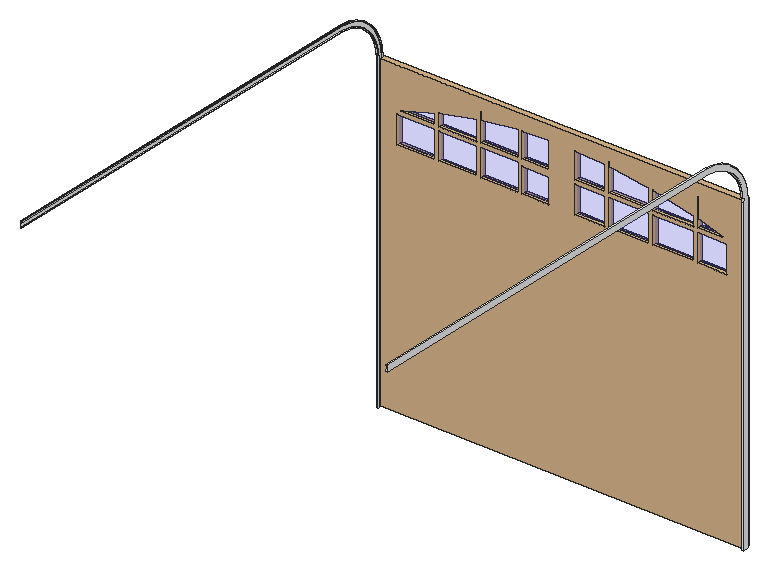
Revit family
Parameters (values of type "7Ft H x 8Ft W")
  Track Width = Width + 0' 2"  # 8' - 2"
  Track Height = Height + 1' 0"  # 8' - 0"
  Track Depth = 10' - 0"
  Track = Metal
  Thickness = 0' - 0"
  SmartBIM Object Version = 1  # constant formula
  SmartBIM Object Created By = "Reed Construction Data"  # constant formula
  Rough Height = 0' - 0"
  Panel Thickness = 0' - 1 1/2"
  Manufacturer = ""
  Height = 7' - 0"
  Wall Closure = (empty or 0)
  Width = 8' - 0"
  Glass = Glass
  Door = Wood
  95 CSI = "08360"  # constant formula
  04 CSI = "08 36 13"  # constant formula
Types (3): name | Track Width | Width
  (no name) | 8' - 2" | 8' - 0"
  7Ft H x 8Ft W | 8' - 2" | 8' - 0"
  7Ft H x 16Ft W | 16' - 2" | 16' - 0"
Reference planes (in)
  plane 1 "Center (Front/Back)": y = 0
  plane 2 "Center (Left/Right)": x = 0
  plane 3 "Left": x = -48
  plane 4 "Right": x = 48
  plane 5 "Top": z = 84
  plane 6: x = -49
  plane 7: x = 49
  plane 8: y = -2.5
  plane 9: z = 81
  plane 10: z = 64.19014
  plane 11: x = -45
  plane 12: x = -33.75
  plane 13: x = -22.5
  plane 14: x = -3
  plane 15: x = -11.25
  plane 16: z = 72.59507
  plane 17: x = 3
  plane 18: x = 45
  plane 19: x = 36
  plane 20: x = 24
  plane 21: x = 12
  plane 22: y = -2.5
  plane 23: y = -2.5
  plane 24 "Interior": y = -3.25
  plane 25 "Exterior": y = -1.75
  plane 26: y = -1.75
  plane 27: y = -3.25
  plane 28: y = -1.75
  plane 29: z = 3
  plane 30: z = 60.19014
  plane 31: z = 64.69014
  plane 32: z = 73.09507
  plane 33: z = 72.09507
  plane 34: x = -34.25
  plane 35: x = -33.25
  plane 36: x = -23
  plane 37: x = -22
  plane 38: x = -10.75
  plane 39: x = -11.75
  plane 40: x = -3.5
  plane 41: x = 3.5
  plane 42: x = 12.5
  plane 43: x = 11.5
  plane 44: x = 24.5
  plane 45: x = 23.5
  plane 46: x = 36.5
  plane 47: x = 35.5
  plane 48: x = 44.5
  plane 49: x = -44.5
  plane 50: y = -1.9375
  plane 51: y = -3.0625
Forms (in)
  Extrusion 1, solid, material "Wood" <- "Door"
    sketch origin (0, 0, 0) x (1, 0, 0) y (0, 0, 1)
      loop
        line (-49, 84) -> (-49, 79.84334) -> (-49, 76.75) -> (-49, 62) -> (-49, 0) -> (49, 0) -> (49, 84) -> (-49, 84)
      loop
        line (-44.5, 64.69014) -> (-34.25, 64.69014) -> (-34.25, 72.09507) -> (-44.5, 72.09507) -> (-44.5, 64.69014)
      loop
        line (-44.5, 73.09507) -> (-34.25, 73.09507) -> (-34.25, 76.14492)
        arc (-34.25, 76.14492) -> (-39.40452, 74.7192) -> (-44.5, 73.09507) r 138.16953
      loop
        arc (-23, 78.54788) -> (-28.1452, 77.57881) -> (-33.25, 76.41553) r 138.18769
        line (-33.25, 76.41553) -> (-33.25, 73.09507) -> (-23, 73.09507) -> (-23, 78.54788)
      loop
        line (-23, 64.69014) -> (-23, 72.09507) -> (-33.25, 72.09507) -> (-33.25, 64.69014) -> (-23, 64.69014)
      loop
        line (-22, 78.72472) -> (-22, 73.09507) -> (-11.75, 73.09507) -> (-11.75, 79.98664)
        arc (-11.75, 79.98664) -> (-16.88679, 79.45146) -> (-22, 78.72472) r 138.19935
      loop
        line (-22, 64.69014) -> (-11.75, 64.69014) -> (-11.75, 72.09507) -> (-22, 72.09507) -> (-22, 64.69014)
      loop
        arc (-3.5, 80.39585) -> (-7.12746, 80.25622) -> (-10.75, 80.02132) r 138.1525
        line (-10.75, 80.02132) -> (-10.75, 73.09507) -> (-3.5, 73.09507) -> (-3.5, 80.39585)
      loop
        line (-3.5, 64.69014) -> (-3.5, 71.5) -> (-10.75, 71.5) -> (-10.75, 64.69014) -> (-3.5, 64.69014)
      loop
        line (44.5, 64.69014) -> (44.5, 72.09507) -> (36.5, 72.09507) -> (36.5, 64.69014) -> (44.5, 64.69014)
      loop
        arc (44.68678, 73.09507) -> (40.61289, 74.41669) -> (36.5, 75.61147) r 138.2298
        line (36.5, 75.61147) -> (36.5, 73.09507) -> (44.68678, 73.09507)
      loop
        line (24.5, 78.16982) -> (24.5, 73.09507) -> (35.5, 73.09507) -> (35.5, 75.71914)
        arc (35.5, 75.71914) -> (30.02501, 77.05676) -> (24.5, 78.16982) r 138.07317
      loop
        line (24.5, 64.69014) -> (35.5, 64.69014) -> (35.5, 72.09507) -> (24.5, 72.09507) -> (24.5, 64.69014)
      loop
        arc (23.5, 78.24138) -> (18.01457, 79.07632) -> (12.5, 79.69004) r 137.96975
        line (12.5, 79.69004) -> (12.5, 73.09507) -> (23.5, 73.09507) -> (23.5, 78.24138)
      loop
        line (23.5, 64.69014) -> (23.5, 72.09507) -> (12.5, 72.09507) -> (12.5, 64.69014) -> (23.5, 64.69014)
      loop
        line (3.5, 80.16162) -> (3.5, 73.09507) -> (11.5, 73.09507) -> (11.5, 79.72575)
        arc (11.5, 79.72575) -> (7.50317, 80.00178) -> (3.5, 80.16162) r 137.91833
      loop
        line (3.5, 64.69014) -> (11.5, 64.69014) -> (11.5, 72.09507) -> (3.5, 72.09507) -> (3.5, 64.69014)
    from 1.75 to 3.25
  Extrusion 2, solid, material "Glass" <- "Glass"
    sketch origin (0, 0, 0) x (1, 0, 0) y (0, 0, 1)
      loop
        line (44.5, 72.09507) -> (36.5, 72.09507) -> (36.5, 64.69014) -> (44.5, 64.69014) -> (44.5, 72.09507)
      loop
        line (35.5, 72.09507) -> (24.5, 72.09507) -> (24.5, 64.69014) -> (35.5, 64.69014) -> (35.5, 72.09507)
      loop
        line (23.5, 72.09507) -> (12.5, 72.09507) -> (12.5, 64.69014) -> (23.5, 64.69014) -> (23.5, 72.09507)
      loop
        line (11.5, 72.09507) -> (3.5, 72.09507) -> (3.5, 64.69014) -> (11.5, 64.69014) -> (11.5, 72.09507)
      loop
        line (3.5, 81) -> (3.5, 73.09507) -> (11.5, 73.09507) -> (11.5, 81) -> (3.5, 81)
      loop
        line (-10.75, 81) -> (-10.75, 73.09507) -> (-3.5, 73.09507) -> (-3.5, 81) -> (-10.75, 81)
      loop
        line (-10.75, 71.5) -> (-10.75, 64.69014) -> (-3.5, 64.69014) -> (-3.5, 71.5) -> (-10.75, 71.5)
      loop
        line (-11.75, 64.69014) -> (-11.75, 72.09507) -> (-22, 72.09507) -> (-22, 64.69014) -> (-11.75, 64.69014)
      loop
        line (-23, 72.09507) -> (-33.25, 72.09507) -> (-33.25, 64.69014) -> (-23, 64.69014) -> (-23, 72.09507)
      loop
        line (-34.25, 64.69014) -> (-34.25, 72.09507) -> (-44.5, 72.09507) -> (-44.5, 64.69014) -> (-34.25, 64.69014)
      loop
        line (-45, 73.09507) -> (-34.25, 73.09507) -> (-34.25, 81) -> (-45, 81) -> (-45, 73.09507)
      loop
        line (-33.25, 81) -> (-33.25, 73.09507) -> (-23, 73.09507) -> (-23, 81) -> (-33.25, 81)
      loop
        line (-22, 81) -> (-22, 73.09507) -> (-11.75, 73.09507) -> (-11.75, 81) -> (-22, 81)
      loop
        line (12.5, 81) -> (12.5, 73.09507) -> (23.5, 73.09507) -> (23.5, 81) -> (12.5, 81)
      loop
        line (24.5, 81) -> (24.5, 73.09507) -> (35.5, 73.09507) -> (35.5, 81) -> (24.5, 81)
      loop
        line (36.5, 81) -> (36.5, 73.09507) -> (45, 73.09507) -> (45, 81) -> (36.5, 81)
    from 2.375 to 2.625
  Extrusion 3, void
    sketch origin (0, -1.75, 0) x (-1, 0, 0) y (0, 0, 1)
      loop
        arc (-45, 72.98765) -> (-40.77111, 74.36795) -> (-36.5, 75.61147) r 138.2298
        line (-36.5, 75.61147) -> (-36.5, 81) -> (-45, 81) -> (-45, 72.98765)
      loop
        line (-24.5, 78.16982) -> (-24.5, 81) -> (-35.5, 81) -> (-35.5, 75.71914)
        arc (-35.5, 75.71914) -> (-30.02501, 77.05676) -> (-24.5, 78.16982) r 138.07317
      loop
        arc (-23.5, 78.24138) -> (-18.01457, 79.07632) -> (-12.5, 79.69004) r 137.96975
        line (-12.5, 79.69004) -> (-12.5, 81) -> (-23.5, 81) -> (-23.5, 78.24138)
      loop
        line (-3.5, 80.16162) -> (-3.5, 81) -> (-11.5, 81) -> (-11.5, 79.72575)
        arc (-11.5, 79.72575) -> (-7.50317, 80.00178) -> (-3.5, 80.16162) r 137.91833
      loop
        arc (3.5, 80.39585) -> (7.12746, 80.25622) -> (10.75, 80.02132) r 138.1525
        line (10.75, 80.02132) -> (10.75, 81) -> (3.5, 81) -> (3.5, 80.39585)
      loop
        line (22, 78.72472) -> (22, 81) -> (11.75, 81) -> (11.75, 79.98664)
        arc (11.75, 79.98664) -> (16.88679, 79.45146) -> (22, 78.72472) r 138.19935
      loop
        arc (23, 78.54788) -> (28.1452, 77.57881) -> (33.25, 76.41553) r 138.18769
        line (33.25, 76.41553) -> (33.25, 81) -> (23, 81) -> (23, 78.54788)
      loop
        arc (34.25, 76.14492) -> (39.65772, 74.6436) -> (45, 72.9239) r 138.16953
        line (45, 72.9239) -> (45, 81) -> (34.25, 81) -> (34.25, 76.14492)
    from -1.3125 to -0.1875
Cuts and joins
  Extrusion 3 cuts Extrusion 1
  Extrusion 3 cuts Extrusion 2
Lines and regions (in)
  Opening 1
    outline origin (-60, -1.75, 0) x (1, 0, 0) y (0, 0, 1)
      loop
        line (108, 84) -> (12, 84) -> (12, 0) -> (108, 0) -> (108, 84)
  model lines
    curve 1: line (-21.5, -3.25, 3) -> (-3, -3.25, 3)
    curve 2: line (-45, -3.25, 3) -> (-23.5, -3.25, 3)
    curve 3: line (-48, -3.25, 84) -> (49, -3.25, 84)
    curve 4: line (48, -3.25, 0) -> (-48, -3.25, 0)
    curve 5: line (48, -1.75, 0) -> (48, -1.75, 84)
    curve 6: line (-49, -1.75, 84) -> (49, -1.75, 84)
    curve 7: line (49, -1.75, 0) -> (-49, -1.75, 0)
    curve 8: line (-48, -1.75, 84) -> (-48, -1.75, 0)
    curve 9: line (-45, -1.75, 3) -> (-23.5, -1.75, 3)
    curve 10: line (-21.5, -1.75, 3) -> (-3, -1.75, 3)
    curve 11: line (23, -1.75, 3) -> (3, -1.75, 3)
    curve 12: line (25, -1.75, 3) -> (45, -1.75, 3)
    curve 13: line (3, -1.75, 3) -> (3, -1.75, 60.19014)
    curve 14: line (-3, -1.75, 3) -> (-3, -1.75, 60.19014)
    curve 15: line (-45, -1.75, 3) -> (-45, -1.75, 60.19014)
    curve 16: line (-45, -3.25, 16.5) -> (-45, -3.25, 3)
    curve 17: line (-3, -3.25, 3) -> (-3, -3.25, 60.19014)
    curve 18: line (3, -3.25, 3) -> (3, -3.25, 60.19014)
    curve 19: line (45, -3.25, 3) -> (45, -3.25, 60.19014)
    curve 20: line (25, -1.75, 3) -> (25, -1.75, 60.19014)
    curve 21: line (23, -1.75, 60.19014) -> (23, -1.75, 3)
    curve 22: line (-23.5, -1.75, 60.19014) -> (-23.5, -1.75, 3)
    curve 23: line (-21.5, -1.75, 3) -> (-21.5, -1.75, 60.19014)
    curve 24: line (-23.5, -3.25, 60.19014) -> (-23.5, -3.25, 3)
    curve 25: line (-21.5, -3.25, 3) -> (-21.5, -3.25, 60.19014)
    curve 26: line (23, -3.25, 60.19014) -> (23, -3.25, 3)
    curve 27: line (25, -3.25, 3) -> (25, -3.25, 60.19014)
    curve 28: line (3, -3.25, 3) -> (23, -3.25, 3)
    curve 29: line (25, -3.25, 3) -> (45, -3.25, 3)
    curve 30: line (-45, -3.25, 60.19014) -> (-23.5, -3.25, 60.19014)
    curve 31: line (-21.5, -3.25, 60.19014) -> (-3, -3.25, 60.19014)
    curve 32: line (3, -3.25, 60.19014) -> (23, -3.25, 60.19014)
    curve 33: line (25, -3.25, 60.19014) -> (45, -3.25, 60.19014)
    curve 34: line (-45, -3.25, 60.19014) -> (-45, -3.25, 16.5)
    curve 35: line (45, -1.75, 60.19014) -> (25, -1.75, 60.19014)
    curve 36: line (23, -1.75, 60.19014) -> (3, -1.75, 60.19014)
    curve 37: line (-3, -1.75, 60.19014) -> (-21.5, -1.75, 60.19014)
    curve 38: line (-23.5, -1.75, 60.19014) -> (-45, -1.75, 60.19014)
    curve 39: line (45, -1.75, 3) -> (45, -1.75, 60.19014)
Text (in)
  text "Exterior" at (-74.96733, 27.31104, 0), in view "Ref. Level"
  text "Interior" at (-76.69036, -30.31274, 0), in view "Ref. Level"
  text "Exterior" at (0, 40.15149, 123.01588), in view "Right"
  text "Interior" at (0, -64.39139, 123.01588), in view "Right"
  text "Interior" at (0, -31.01599, 123.00693), in view "Left"
  text "Exterior" at (0, 54.57065, 123.00693), in view "Left"
Dimensions and locks (in)
  equal spacing: plane 3 "Left", plane 2 "Center (Left/Right)", plane 4 "Right"
  "Height": level to plane 5 "Top"
  "Width": plane 3 "Left" to plane 4 "Right"
  locked: plane 6 to plane 3 "Left" at 1
  locked: plane 4 "Right" to plane 7 at 1
  "Panel Thickness": Extrusion 1 to Extrusion 1
  locked: plane 9 to plane 5 "Top" at 3
  plane 10 to plane 9 = 1' - 4.80986"
  locked: plane 3 "Left" to plane 11 at 3
  equal spacing: plane 9, plane 16, plane 10
  locked: Extrusion 1 sketch curve to plane 10 at 0.5  (x6)
  locked: plane 12 to Extrusion 1 sketch curve at 0.5  (x2)
  locked: Extrusion 1 sketch curve to plane 16 at 0.5  (x8)
  locked: plane 16 to Extrusion 1 sketch curve at 0.5  (x7)
  locked: plane 18 to plane 4 "Right" at 3
  locked: Extrusion 1 sketch curve to plane 18 at 0.5
  locked: plane 19 to Extrusion 1 sketch curve at 0.5  (x2)
  locked: plane 20 to Extrusion 1 sketch curve at 0.5  (x2)
  locked: plane 21 to Extrusion 1 sketch curve at 0.5  (x2)
  locked: plane 17 to Extrusion 1 sketch curve at 0.5  (x2)
  locked: plane 14 to Extrusion 1 sketch curve at 0.5  (x2)
  locked: Extrusion 1 sketch curve to plane 15 at 0.5  (x2)
  locked: plane 15 to Extrusion 1 sketch curve at 0.5
  plane 15 to Extrusion 1 sketch curve = 0' - 0 1/2"
  locked: Extrusion 1 sketch curve to plane 13 at 0.5  (x2)
  locked: plane 13 to Extrusion 1 sketch curve at 0.5  (x2)
  locked: Extrusion 1 sketch curve to plane 12 at 0.5  (x2)
  plane 12 to Extrusion 1 sketch curve = 0' - 0 1/2"
  locked: Extrusion 1 sketch curve to plane 11 at 0.5
  locked: Extrusion 1 sketch curve to plane 21 at 0.5  (x2)
  locked: Extrusion 1 sketch curve to plane 20 at 0.5  (x2)
  locked: Extrusion 1 sketch curve to plane 19 at 0.5  (x2)
  locked: Extrusion 2 to Extrusion 2 at 0.25
  plane 22 to Extrusion 1 = 0' - 0 3/4"
  locked: plane 23 to Extrusion 2 at 0.125
  equal spacing: plane 25 "Exterior", plane 8, plane 27
  "Panel Thickness": plane 25 "Exterior" to plane 24 "Interior"
  plane 10 to Extrusion 1 = 1' - 7.80986"
  plane 29 to plane 10 = 5' - 1.19014"
  locked: level to plane 29 at 3
  plane 29 to level = 0' - 3"
  plane 20 to curve 20 = 0' - 1"
  locked: plane 10 to plane 30 at 4
  locked: plane 2 "Center (Left/Right)" to plane 14 at 3
  locked: plane 17 to plane 2 "Center (Left/Right)" at 3
  equal spacing: plane 2 "Center (Left/Right)", plane 15, plane 13, plane 12, plane 11
  equal spacing: plane 4 "Right", plane 19, plane 20, plane 21, plane 2 "Center (Left/Right)"
  curve 22 to curve 23 = 0' - 2"
  plane 10 to plane 16 to plane 9 = 0' - 8.40493", 0' - 8.40493"
  locked: plane 31 to plane 10 at 0.5
  plane 32 to plane 16 to plane 33 = 0' - 0 1/2" locked, 0' - 0 1/2" locked
  locked: plane 18 to plane 48 at 0.5
  plane 46 to plane 19 to plane 47 = 0' - 0 1/2" locked, 0' - 0 1/2" locked
  plane 44 to plane 20 to plane 45 = 0' - 0 1/2" locked, 0' - 0 1/2" locked
  plane 42 to plane 21 to plane 43 = 0' - 0 1/2" locked, 0' - 0 1/2" locked
  locked: plane 41 to plane 17 at 0.5
  locked: plane 14 to plane 40 at 0.5
  plane 38 to plane 15 to plane 39 = 0' - 0 1/2" locked, 0' - 0 1/2" locked
  plane 37 to plane 13 to plane 36 = 0' - 0 1/2" locked, 0' - 0 1/2" locked
  plane 35 to plane 12 to plane 34 = 0' - 0 1/2" locked, 0' - 0 1/2" locked
  locked: plane 49 to plane 11 at 0.5
  plane 9 to plane 5 "Top" = 0' - 3"
  plane 50 to plane 23 to plane 51 = 0' - 0 9/16" locked, 0' - 0 9/16" locked
  Extrusion 1 sketch curve to Extrusion 1 sketch curve = 0' - 1.00064"
  aligned and locked: Extrusion 1 sketch curve to plane 6
  aligned and locked: Extrusion 1 sketch curve to plane 7
  aligned and locked: Extrusion 1 sketch curve to level
  aligned and locked: plane 22 to plane 23
  aligned and locked: Extrusion 1 to curve 3
  aligned and locked: Extrusion 1 to curve 4
  aligned and locked: curve 7 to Extrusion 1
  aligned and locked: curve 9 to curve 2
  aligned and locked: plane 24 "Interior" to curve 4
  aligned and locked: curve 2 to plane 24 "Interior"
  aligned and locked: curve 1 to plane 24 "Interior"
  aligned and locked: plane 22 to plane 8
  aligned and locked: plane 25 "Exterior" to host wall
  aligned and locked: host wall to curve 12
  aligned and locked: curve 11 to host wall
  aligned and locked: host wall to curve 10
  aligned and locked: host wall to curve 9
  aligned and locked: plane 24 "Interior" to plane 27
  aligned and locked: curve 9 to plane 26
  aligned and locked: curve 10 to plane 26
  aligned and locked: plane 26 to curve 11
  aligned and locked: plane 26 to curve 7
  aligned and locked: curve 12 to plane 26
  aligned and locked: plane 28 to plane 26
  aligned and locked: Extrusion 1 to plane 27
  aligned and locked: Extrusion 1 to curve 9
  aligned and locked: plane 29 to curve 14
  aligned and locked: plane 29 to curve 13
  aligned and locked: curve 21 to curve 26
  aligned and locked: plane 29 to curve 28
  aligned and locked: plane 30 to curve 30
  aligned and locked: curve 19 to curve 33
  aligned and locked: curve 35 to plane 30
  aligned and locked: curve 39 to curve 19
  aligned and locked: plane 28 to Extrusion 1
  aligned and locked: host wall to plane 28
  aligned and locked: Extrusion 2 sketch curve to Extrusion 1  (x51)
  aligned and locked: curve 5 to Opening 1 sketch curve
  aligned and locked: Opening 1 sketch curve to curve 6
  aligned and locked: curve 4 to Opening 1 sketch curve
  aligned and locked: Opening 1 sketch curve to curve 8
  aligned and locked: nested 1 to plane 2 "Center (Left/Right)"
  aligned and locked: plane 27 to nested 1
  aligned and locked: Extrusion 2 sketch curve to plane 37
  aligned and locked: Extrusion 2 sketch curve to plane 41
  aligned and locked: Extrusion 1 to plane 5 "Top"
  aligned and locked: Extrusion 1 sketch curve to plane 5 "Top"
  aligned and locked: plane 31 to Extrusion 2 sketch curve  (x2)
  aligned and locked: plane 9 to Extrusion 2 sketch curve  (x7)
  aligned and locked: plane 11 to Extrusion 2 sketch curve
  aligned and locked: Extrusion 2 sketch curve to plane 18
  aligned and locked: plane 18 to Extrusion 3 sketch curve
  aligned and locked: Extrusion 3 sketch curve to plane 9
  aligned and locked: Extrusion 3 sketch curve to Extrusion 1  (x14)
  aligned and locked: Extrusion 1 to Extrusion 3 sketch curve  (x6)
  aligned and locked: Extrusion 3 sketch curve to plane 11
  aligned and locked: Extrusion 3 sketch curve to Extrusion 2
  aligned and locked: plane 51 to Extrusion 3
  aligned and locked: Extrusion 3 to plane 50
Automatic sketch dimensions
  curve 3 to plane 7 = 0' - 0"
  curve 4 to plane 4 "Right" = 0' - 0"
  curve 33 to plane 18 = 0' - 0"
  curve 33 to plane 30 = 0' - 0"
  curve 27 to plane 29 = 0' - 0"
  curve 26 to plane 30 = 0' - 0"
  curve 32 to plane 17 = 0' - 0"
  curve 31 to plane 14 = 0' - 0"
  curve 31 to plane 30 = 0' - 0"
  curve 1 to plane 29 = 0' - 0"
  curve 24 to plane 29 = 0' - 0"
  curve 16 to plane 11 = 0' - 0"
  curve 4 to plane 3 "Left" = 0' - 0"
  curve 3 to plane 3 "Left" = 0' - 0"
  curve 33 to plane 20 = 0' - 1"
  plane 20 to curve 26 = 0' - 1"
  plane 13 to curve 31 = 0' - 1"
  curve 24 to plane 13 = 0' - 1"
  curve 2 to curve 16 = 1' - 1 1/2"
  curve 7 to level = 0' - 0"
  curve 7 to plane 7 = 0' - 0"
  curve 6 to plane 5 "Top" = 0' - 0"
  curve 6 to plane 7 = 0' - 0"
  curve 5 to plane 4 "Right" = 0' - 0"
  curve 13 to plane 17 = 0' - 0"
  curve 37 to plane 14 = 0' - 0"
  curve 37 to plane 30 = 0' - 0"
  curve 22 to plane 30 = 0' - 0"
  curve 9 to plane 11 = 0' - 0"
  curve 8 to plane 3 "Left" = 0' - 0"
  curve 6 to plane 6 = 0' - 0"
  curve 7 to plane 6 = 0' - 0"
  curve 39 to plane 29 = 0' - 0"
  curve 13 to plane 30 = 0' - 0"
  plane 13 to curve 10 = 0' - 1"
  curve 9 to plane 13 = 0' - 1"
  Extrusion 2 sketch curve to plane 9 = 0' - 0"
  Extrusion 3 sketch curve to plane 9 = 0' - 0"  (x7)
  Extrusion 3 sketch curve to Extrusion 3 sketch curve = 0' - 0.03468"
  Extrusion 3 sketch curve to Extrusion 3 sketch curve = 0' - 0"  (x2)
  Extrusion 1 sketch curve to Extrusion 1 sketch curve = 0' - 0"  (x14)
  Extrusion 1 sketch curve to plane 2 "Center (Left/Right)" = 0' - 0"
  plane 11 to Extrusion 1 sketch curve = 0' - 0 1/2"
  plane 18 to Extrusion 1 sketch curve = 0' - 0.31322"
  plane 30 to Extrusion 1 sketch curve = 0' - 1.80986"
  plane 10 to Extrusion 1 sketch curve = 0' - 0 1/2"  (x2)
  Extrusion 1 sketch curve to plane 16 = 0' - 1.09507"
  Extrusion 1 sketch curve to Extrusion 1 sketch curve = 0' - 0.10768"
  Extrusion 1 sketch curve to Extrusion 1 sketch curve = 0' - 0.27061"
  plane 16 to Extrusion 1 sketch curve = 0' - 4.15493"
  Extrusion 1 sketch curve to Extrusion 1 sketch curve = 0' - 0.07156"
  Extrusion 1 sketch curve to Extrusion 1 sketch curve = 0' - 0.17684"
  Extrusion 1 sketch curve to plane 9 = 0' - 1.15666"
  Extrusion 1 sketch curve to Extrusion 1 sketch curve = 0' - 0.03468"
  Extrusion 1 sketch curve to plane 9 = 0' - 0.60415"
  Extrusion 1 sketch curve to plane 15 = 0' - 0 1/2"
Nested families (in)
  nested 1: "Door Track" at (-0.5, -64, 0), Width <- "Track Width", Height <- "Track Height", Depth <- "Track Depth", type "Door Track"
    with Width 8' - 2", Height 8' - 0", Depth 10' - 0"
Definition of nested family "Door Track"
  Parameters
    Width [instance] = 10' - 0"
    Track = Metal
    Height [instance] = 11' - 0"
    Depth [instance] = 8' - 0"
  Reference planes (in)
    plane 1 "Center (Front/Back)": y = 0
    plane 2: z = 0
    plane 3 "Center (Left/Right)": x = 0.5
    plane 4 "Back": y = 48
    plane 5 "Front": y = -48
    plane 6 "Left": x = -59.5
    plane 7 "Right": x = 60.5
    plane 8 "Top": z = 132
    plane 9 "Center (Up/Down)": z = 66
    plane 10: y = 48.75
    plane 11: y = 49.5
  Forms (in)
    Sweep 1, solid, material "Metal" <- "Track"
      path origin (60.5, 60, 48) x (0, 1, 0) y (0, 0, 1)
        loop
          line (-12, -48) -> (-12, 72)
          arc (-12, 72) -> (-15.51472, 80.48528) -> (-24, 84) r 12
          line (-24, 84) -> (-108, 84)
      profile origin (60.5, -6, 132) x (0, 0, -1) y (1, 0, 0)
        loop
          line (-1.5, 0) -> (-1.375, 0) -> (-1.375, 0.375) -> (-0.125, 0.375) -> (-0.125, 0) -> (0, 0) -> (0, 0.5) -> (-1.5, 0.5) -> (-1.5, 0)
    Sweep 2, solid, material "Metal" <- "Track"
      path origin (-59.5, 60, 48) x (0, 1, 0) y (0, 0, 1)
        loop
          line (-12, -48) -> (-12, 72)
          arc (-12, 72) -> (-15.51472, 80.48528) -> (-24, 84) r 12
          line (-24, 84) -> (-108, 84)
      profile origin (-59.5, -6, 132) x (0, 0, -1) y (1, 0, 0)
        loop
          line (-1.5, 0) -> (-1.5, -0.5) -> (0, -0.5) -> (0, 0) -> (-0.125, 0) -> (-0.125, -0.375) -> (-1.375, -0.375) -> (-1.375, 0) -> (-1.5, 0)
  Dimensions and locks (in)
    equal spacing: plane 6 "Left", plane 3 "Center (Left/Right)", plane 7 "Right"
    "Width": plane 6 "Left" to plane 7 "Right"
    equal spacing: plane 4 "Back", plane 1 "Center (Front/Back)", plane 5 "Front"
    "Depth": plane 4 "Back" to plane 5 "Front"
    "Height": plane 8 "Top" to plane 2
    equal spacing: plane 8 "Top", plane 9 "Center (Up/Down)", level
    locked: Sweep 2 sketch curve to Sweep 2 sketch curve at 0.125  (x3)
    locked: Sweep 2 sketch curve to Sweep 2 sketch curve at 0.5  (x2)
    locked: Sweep 2 sketch curve to Sweep 2 sketch curve at 1.5
    locked: Sweep 1 sketch curve to Sweep 1 sketch curve at 0.5  (x2)
    locked: Sweep 1 sketch curve to Sweep 1 sketch curve at 0.125  (x3)
    locked: Sweep 1 sketch curve to Sweep 1 sketch curve at 1.5
    equal spacing: plane 4 "Back", plane 10, plane 11
    locked: plane 10 to plane 11 at 0.75
    radius of Sweep 1 sketch curve = 1' - 0"
    radius of Sweep 2 sketch curve = 1' - 0"
    aligned and locked: plane 8 "Top" to Sweep 1 sketch curve  (x2)
    aligned and locked: plane 5 "Front" to Sweep 1 sketch curve
    aligned and locked: plane 4 "Back" to Sweep 1 sketch curve
    aligned and locked: plane 4 "Back" to Sweep 2 sketch curve
    aligned and locked: plane 5 "Front" to Sweep 2 sketch curve
    aligned and locked: level to Sweep 2 sketch curve
    aligned and locked: Sweep 2 sketch curve to profile plane  (x2)
    aligned and locked: Sweep 1 sketch curve to profile plane
    aligned and locked: plane 11 to Sweep 1
  Automatic sketch dimensions
    Sweep 1 sketch curve to level = 0' - 0"
    Sweep 2 sketch curve to plane 8 "Top" = 0' - 0"
